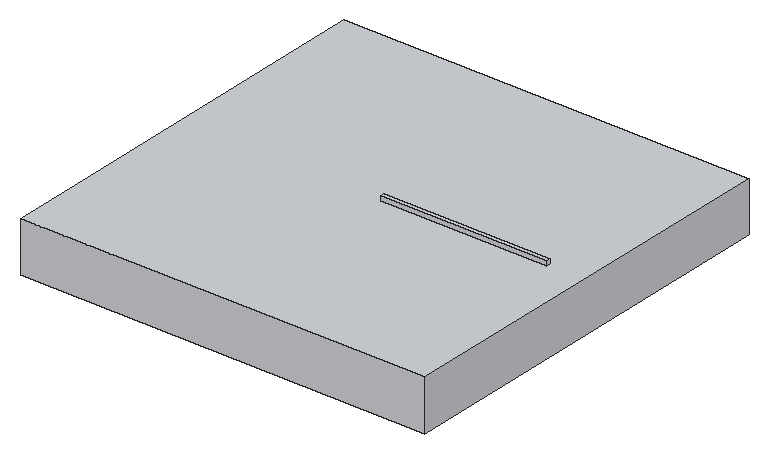
Revit family "REGA 25 SUSP PLAF", category Luminaires, Revit 2021
Family settings
  Hôte = Face
  Cote de connecteur circulaire = Utiliser le diamètre
  Type d'élément = Normal
  Couper avec des vides une fois chargée = Oui
  Source d'éclairage = Oui
  Partagée = Non
  Point de calcul de pièce = Oui
Parameters (values of type "727000")
  nbr poles = 2  # constant formula
  longueur = 1000 mm  # constant formula
  largeur = 25 mm  # constant formula
  indice de charge = Eclairage
  hauteur = 25 mm  # constant formula
  URL = "https://www.resistex-sa.com/fr/rega-25-1431lm-3000k-1044.html"
  Tension = 230 V  # constant formula
  built-in parameter 1150107 = 3000 (stored number, unit not read)
  Wattage = 28.9 W
  built-in parameter 1150110 = 1 (stored number, unit not read)
  built-in parameter 1150109 = 1 (stored number, unit not read)
  built-in parameter 1114218 = 1 (stored number, unit not read)
  built-in parameter 1150113 = 1 (stored number, unit not read)
  built-in parameter 1150112 = 1 (stored number, unit not read)
  built-in parameter 1150137 = (empty or 0)
  built-in parameter 1150132 = (empty or 0)
  Modèle = "REGA 25 SUSP PLAF"
  built-in parameter 1150105 = 3291 (stored number, unit not read)
  built-in parameter 1150102 = (empty or 0)
  Type Image = (empty or 0)
  IP = "IP 40"
  IK = "IK 07"
  Gradation des changements de température de couleur de lampe = <Aucun>
  Garantie = "5 ans"
  Lumens = 41355.9 lm
  Color Filter = 16777215
  Fichier de distribution photométrique = "REGA_727000_LD.ies"
  built-in parameter 1114217 = 1 (stored number, unit not read)
  built-in parameter 1150139 = (empty or 0)
  Fabricant = "Resistex"  # constant formula
  Emit from Line Length = 609.6 mm
  Default Elevation = 1219.2 mm
  built-in parameter 1150104 = 132.94 (stored number, unit not read)
  built-in parameter 1150106 = 32.91 (stored number, unit not read)
  built-in parameter 1150115 = 1 (stored number, unit not read)
  built-in parameter 1150114 = 1 (stored number, unit not read)
  Description = "Luminaire ligne continue sur mesure, longueur adaptée au projet\r\nLuminaire lineaire équipé de LEDs SMD\r\nIP 40, IK 07\r\nLarg. 25mm x Long. 1000mm x Haut. 25mm\r\nFlux restitué 1431lm\r\nConso. système 28.9W\r\nEfficacité lumineuse produit complet 49.5lm/W\r\nLM80 L90F10 à 72000h (25°C)\r\nSVM <0.9\r\nPstLM <1\r\nDiffuseur Polycarbonate Direct/Symétrique Opalescent, Corps en Aluminium extrudé\r\nIRC >80\r\nGarantie 5 ans\r\nEmpreinte carbone 2.6gCO2/h\r\nIndice de réparabilité 9,1"
  built-in parameter 1150138 = (empty or 0)
  built-in parameter 1150134 = (empty or 0)
  Commentaires relatifs à la puissance = "28.9"
  Apparent Load = 29.48 VA
  Tilt Angle = 60.00°
  built-in parameter 1150133 = 10 (stored number, unit not read)
Types (4, lengths in mm): name | URL | built-in parameter 1150107 | Wattage | Modèle | built-in parameter 1150105 | Lumens | Fichier de distribution photométrique | built-in parameter 1150104 | built-in parameter 1150106 | Description | built-in parameter 1150134 | Commentaires relatifs à la puissance | Apparent Load
  (no name) | "https://www.resistex-sa.com/fr/rega-25-1431lm-3000k-1044.html" | 3000 (stored number, unit not read) | 28.9 W | "REGA 25 SUSP PLAF" | 3291 (stored number, unit not read) | 41355.9 lm | "REGA_727000_LD.ies" | 132.94 (stored number, unit not read) | 32.91 (stored number, unit not read) | "Luminaire ligne continue sur mesure, longueur adaptée au projet\r\nLuminaire lineaire équipé de LEDs SMD\r\nIP 40, IK 07\r\nLarg. 25mm x Long. 1000mm x Haut. 25mm\r\nFlux restitué 1431lm\r\nConso. système 28.9W\r\nEfficacité lumineuse produit complet 49.5lm/W\r\nLM80 L90F10 à 72000h (25°C)\r\nSVM <0.9\r\nPstLM <1\r\nDiffuseur Polycarbonate Direct/Symétrique Opalescent, Corps en Aluminium extrudé\r\nIRC >80\r\nGarantie 5 ans\r\nEmpreinte carbone 2.6gCO2/h\r\nIndice de réparabilité 9,1" | (empty or 0) | "28.9" | 29.48 VA
  727000 | "https://www.resistex-sa.com/fr/rega-25-1431lm-3000k-1044.html" | 3000 (stored number, unit not read) | 28.9 W | "REGA 25 SUSP PLAF" | 3291 (stored number, unit not read) | 41355.9 lm | "REGA_727000_LD.ies" | 132.94 (stored number, unit not read) | 32.91 (stored number, unit not read) | "Luminaire ligne continue sur mesure, longueur adaptée au projet\r\nLuminaire lineaire équipé de LEDs SMD\r\nIP 40, IK 07\r\nLarg. 25mm x Long. 1000mm x Haut. 25mm\r\nFlux restitué 1431lm\r\nConso. système 28.9W\r\nEfficacité lumineuse produit complet 49.5lm/W\r\nLM80 L90F10 à 72000h (25°C)\r\nSVM <0.9\r\nPstLM <1\r\nDiffuseur Polycarbonate Direct/Symétrique Opalescent, Corps en Aluminium extrudé\r\nIRC >80\r\nGarantie 5 ans\r\nEmpreinte carbone 2.6gCO2/h\r\nIndice de réparabilité 9,1" | (empty or 0) | "28.9" | 29.48 VA
  727001 | "https://www.resistex-sa.com/fr/rega-25-1490lm-4000k-1045.html" | 4000 (stored number, unit not read) | 29.2 W | "REGA 25 SUSP PLAF" | 3462.3 (stored number, unit not read) | 43508 lm | "REGA_727001_LD.ies" | 138.43 (stored number, unit not read) | 34.623 (stored number, unit not read) | "Luminaire ligne continue sur mesure, longueur adaptée au projet\r\nLuminaire lineaire équipé de LEDs SMD\r\nIP 40, IK 07\r\nLarg. 25mm x Long. 1000mm x Haut. 25mm\r\nFlux restitué 1431lm\r\nConso. système 28.9W\r\nEfficacité lumineuse produit complet 49.5lm/W\r\nLM80 L90F10 à 72000h (25°C)\r\nSVM <0.9\r\nPstLM <1\r\nDiffuseur Polycarbonate Direct/Symétrique Opalescent, Corps en Aluminium extrudé\r\nIRC >80\r\nGarantie 5 ans\r\nEmpreinte carbone 2.6gCO2/h\r\nIndice de réparabilité 9,1" | 12 | "29.2" | 29.8 VA
  727002 | "https://www.resistex-sa.com/fr/rega-25-tw-1490lm-2700-6000k-1046.html" | 4000 (stored number, unit not read) | 29.2 W | "REGA 25 SUSP PLAF TUNABLE WHITE" | 3462.3 (stored number, unit not read) | 43508 lm | "REGA_727001_LD.ies" | 138.43 (stored number, unit not read) | 34.623 (stored number, unit not read) | "Luminaire ligne continue sur mesure, longueur adaptée au projet\r\nLuminaire lineaire équipé de LEDs SMD\r\nIP 40, IK 07\r\nLarg. 25mm x Long. 1000mm x Haut. 25mm\r\nFlux restitué 1490lm à 4000K\r\nConso. système 29.2W\r\nEfficacité lumineuse produit complet 51lm/W\r\nLM80 L90F10 à 72000h (25°C)\r\nSVM <0.9\r\nPstLM <1\r\nDiffuseur Polycarbonate Direct/Symétrique Opalescent, Corps en Aluminium extrudé\r\nIRC >80 à 4000K\r\nGarantie 5 ans\r\nEmpreinte carbone 2.62gCO2/h\r\nIndice de réparabilité 9,1" | 12 | "29.2" | 29.8 VA
Reference planes
  plane 1 "Centre (avant/arrière)": y = 0
  plane 2: z = 0
  plane 3 "Centre (gauche/droite)": x = 0
  plane 4: x = 500
  plane 5: x = 1000
  plane 6: y = -12.5
  plane 7: y = -25
Forms (mm)
  Extrusion 1, solid
    sketch origin (0, 0, 0) x (1, 0, 0) y (0, 1, 0)
      loop
        line (-1219.2, 1219.2) -> (-1219.2, -1219.2) -> (1219.2, -1219.2) -> (1219.2, 1219.2) -> (-1219.2, 1219.2)
    from 0 to -304.8
  Extrusion 2, solid
    sketch origin (0, 0, 0) x (1, 0, 0) y (0, 1, 0)
      loop
        line (1000, 0) -> (0, 0) -> (0, -25) -> (1000, -25) -> (1000, 0)
    from 0 to 25 <- "hauteur"
Dimensions and locks
  equal spacing: plane 3 "Centre (gauche/droite)", plane 4, plane 5
  equal spacing: plane 7, plane 6, plane 1 "Centre (avant/arrière)"
  "longueur": plane 3 "Centre (gauche/droite)" to plane 5
  "largeur": plane 1 "Centre (avant/arrière)" to plane 7
  aligned and locked: plane 2 to Extrusion 1
  aligned and locked: level to Extrusion 1
  aligned and locked: Extrusion 2 sketch curve to plane 1 "Centre (avant/arrière)"
  aligned and locked: Extrusion 2 sketch curve to plane 7
  aligned and locked: Extrusion 2 sketch curve to plane 3 "Centre (gauche/droite)"
Automatic sketch dimensions
  Extrusion 1 sketch curve to Extrusion 1 sketch curve = 2438.4 mm  (x2)
  Extrusion 2 sketch curve to plane 5 = 0 mm
Connectors
  electrical at (500, -12.5, 0), driven by "nbr poles", driven by "indice de charge", driven by "Tension", driven by "Apparent Load"
    settings: on Extrusion 2, index 1, voltage 230 V, apparent load 29.48 VA, apparent load phase1 0 VA, apparent load phase2 0 VA, apparent load phase3 0 VA, power factor 1, load classification "Eclairage", number of poles 2, system type 30, power factor state 1, is connector primary yes, connector utility no, sub classification motor no, connector description ""
